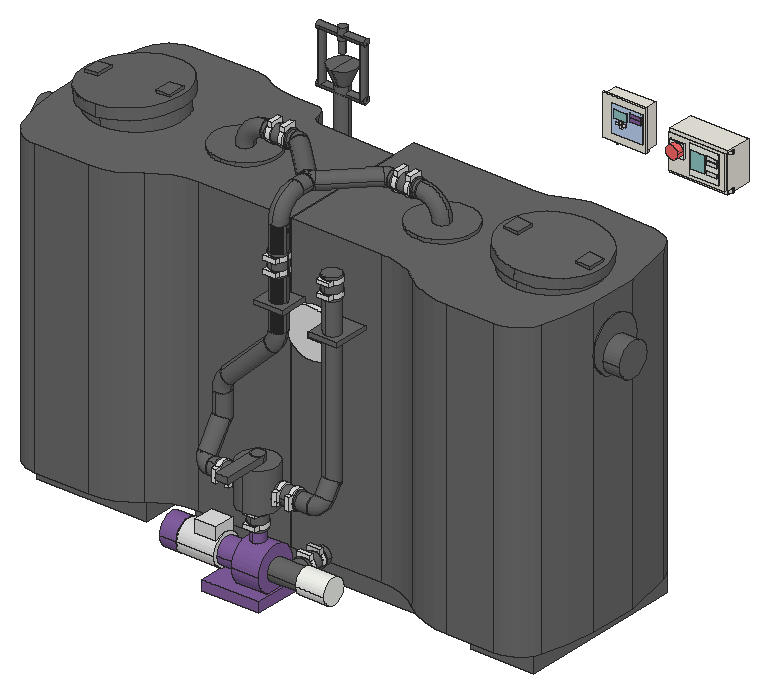
Revit family "93010.02_ms", category Generic Models, Revit 2021 (continued)
Definition of nested family "93010.02_ms_part3_X0Y0"
  Definition of nested family "93010.02_ms_part3_content"
    Forms (mm)
      Revolve 44, solid, detail levels medium+fine
        sketch origin (-110, 374, 1168) x (0, 1, 0) y (-1, 0, 0)
          loop
            circle (0, 0) r 31.5
          axis (0, 97.5) -> (-1, 97.5)
        angle from 0 to 180
      Extrusion 45, solid, detail levels medium+fine
        sketch origin (-110, 374, 1253) x (0, -1, 0) y (-1, 0, 0)
          loop
            circle (0, 0) r 31.5
        from 0 to 85.5
      Extrusion 46, solid, detail levels medium+fine
        sketch origin (-419.95, 373.5, 1659.31) x (0, 1, 0) y (0, 0, 1)
          loop
            circle (0, 0) r 15
        from 0 to 230
      Extrusion 47, solid, detail levels medium+fine
        sketch origin (-204.95, 373.5, 1908.31) x (1, 0, 0) y (0, -1, 0)
          loop
            circle (0, 0) r 15
        from 0 to 249
      Extrusion 48, solid, detail levels medium+fine
        sketch origin (-420, 373.4, 1908.2) x (0, 1, 0) y (0, 0, 1)
          loop
            circle (0, 0) r 15
        from 0 to 230
      Extrusion 49, solid, detail levels medium+fine
        sketch origin (-305, 374, 1885.9) x (1, 0, 0) y (0, 1, 0)
          loop
            circle (0, 0) r 19.25
        from 0 to 52
      Extrusion 50, solid, detail levels medium+fine
        sketch origin (-305, 374, 1827.9) x (1, 0, 0) y (0, 1, 0)
          loop
            circle (0, 0) r 14
        from 0 to 58
      Extrusion 51, solid, detail levels medium+fine
        sketch origin (-405, 373.4, 1908.2) x (1, 0, 0) y (0, -1, 0)
          loop
            circle (0, 0) r 15
        from 0 to 249
      Revolve 52, solid, detail levels medium+fine
        sketch origin (-305, 374, 1694.6) x (0, 0, 1) y (0, 1, 0)
          loop
            line (0, 0) -> (81, 0) -> (81, 65) -> (0, 31) -> (0, 0)
          axis (81, 0) -> (0, 0)
        angle from -360 to 0
      Extrusion 53, solid, detail levels medium+fine
        sketch origin (-975.47, 0, 1292.37) x (0, -1, 0) y (0.996195, 0, 0.087156)
          loop
            circle (0, 0) r 211
        from 0 to 281.6
      Extrusion 54, solid, detail levels medium+fine
        sketch origin (-1000, 0, 1572.8) x (0, -1, 0) y (0.996195, 0, 0.087156)
          loop
            circle (0, 0) r 233
        from 0 to 51.1
      Extrusion 55, solid, detail levels medium+fine
        sketch origin (-865.07, -41, 1635.8) x (0, 1, 0) y (-0.087156, 0, 0.996195)
          loop
            line (0, 12) -> (0, 0) -> (82, 0) -> (82, 12) -> (0, 12)
        from 0 to 66
      Extrusion 56, solid, detail levels medium+fine
        sketch origin (-1144, 41, 1611.4) x (0, -1, 0) y (-0.087156, 0, 0.996195)
          loop
            line (0, 12) -> (0, 0) -> (82, 0) -> (82, 12) -> (0, 12)
        from 0 to 66
      Extrusion 57, solid, detail levels medium+fine
        sketch origin (976.47, 0, 1292.37) x (0, 1, 0) y (-0.996195, 0, 0.087156)
          loop
            circle (0, 0) r 211
        from 0 to 281.6
      Extrusion 58, solid, detail levels medium+fine
        sketch origin (1001, 0, 1572.8) x (0, 1, 0) y (-0.996195, 0, 0.087156)
          loop
            circle (0, 0) r 233
        from 0 to 51.1
      Extrusion 59, solid, detail levels medium+fine
        sketch origin (866.07, 41, 1635.8) x (0, -1, 0) y (0.087156, 0, 0.996195)
          loop
            line (0, 12) -> (0, 0) -> (82, 0) -> (82, 12) -> (0, 12)
        from 0 to 66
      Extrusion 60, solid, detail levels medium+fine
        sketch origin (1145, -41, 1611.4) x (0, 1, 0) y (0.087156, 0, 0.996195)
          loop
            line (0, 12) -> (0, 0) -> (82, 0) -> (82, 12) -> (0, 12)
        from 0 to 66
      Extrusion 61, solid, detail levels medium+fine
        sketch origin (471.25, 0, 1525) x (0, 1, 0) y (-1, 0, 0)
          loop
            circle (0, 0) r 148.5
        from 0 to 15
      Revolve 62, solid, detail levels medium+fine
        sketch origin (471.25, 0, 1540) x (-1, 0, 0) y (0, -1, 0)
          loop
            circle (0, 0) r 37
          axis (100, 0) -> (100, -1)
        angle from -90 to 0
      Extrusion 63, solid, detail levels medium+fine
        sketch origin (-471.25, 0, 1525) x (0, 1, 0) y (-1, 0, 0)
          loop
            circle (0, 0) r 148.5
        from 0 to 15
      Revolve 64, solid, detail levels medium+fine
        sketch origin (-471.25, 0, 1540) x (1, 0, 0) y (0, 1, 0)
          loop
            circle (0, 0) r 37
          axis (100, 0) -> (100, -1)
        angle from -90 to 0
      Extrusion 65, solid, detail levels medium+fine
        sketch origin (-110, 314, 1313.5) x (0, 0, -1) y (1, 0, 0)
          loop
            circle (0, 0) r 31.5
        from 0 to 11
      Revolve 66, solid, detail levels medium+fine
        sketch origin (-110, 314, 1313.5) x (0, 0, -1) y (-1, 0, 0)
          loop
            circle (0, 0) r 31.5
          axis (60, 0) -> (60, -1)
        angle from -90 to 0
      Extrusion 67, solid, detail levels medium+fine
        sketch origin (-1281.8, 0, 1293) x (0, -1, 0) y (0, 0, 1)
          loop
            circle (0, 0) r 126.5
        from 0 to 21
      Extrusion 68, solid, detail levels medium+fine
        sketch origin (-1302.8, 0, 1336) x (0, -1, 0) y (0, 0, 1)
          loop
            circle (0, 0) r 80
        from 0 to 137.5
      Extrusion 69, solid, detail levels medium+fine
        sketch origin (1281.7, 0, 1305) x (0, 1, 0) y (0, 0, 1)
          loop
            circle (0, 0) r 126.5
        from 0 to 21
      Extrusion 70, solid, detail levels medium+fine
        sketch origin (1302.7, 0, 1265) x (0, 1, 0) y (0, 0, 1)
          loop
            circle (0, 0) r 80
        from 0 to 84.5
      Extrusion 71, solid, detail levels medium+fine
        sketch origin (0, -391, 1080.43) x (0, 1, 0) y (-1, 0, 0)
          loop
            circle (0, 0) r 37.5
        from 0 to 459.5
      Extrusion 72, solid, detail levels medium+fine
        sketch origin (0, -391, 1331.5) x (0, 1, 0) y (-1, 0, 0)
          loop
            circle (0, 0) r 45
        from 0 to 20
      Extrusion 73, solid, detail levels medium+fine
        sketch origin (0, -391, 1321.5) x (0, 1, 0) y (-1, 0, 0)
          loop
            circle (0, 0) r 42
        from 0 to 100
      Extrusion 74, solid, detail levels medium+fine
        sketch origin (0, -391, 1391.5) x (0, 1, 0) y (-1, 0, 0)
          loop
            circle (0, 0) r 45
        from 0 to 20
      Extrusion 75, solid, detail levels medium+fine
        sketch origin (-30, -422, 1351.5) x (0, 0, -1) y (1, 0, 0)
          loop
            line (0, 60) -> (0, 0) -> (20, 0) -> (20, 60) -> (0, 60)
        from 0 to 25
      Extrusion 76, solid, detail levels medium+fine
        sketch origin (-30, -422, 1411.5) x (0, 0, -1) y (1, 0, 0)
          loop
            line (0, 60) -> (0, 0) -> (20, 0) -> (20, 60) -> (0, 60)
        from 0 to 25
      Revolve 77, solid, detail levels medium+fine
        sketch origin (0, -391, 1539.9) x (0, 1, 0) y (-1, 0, 0)
          loop
            circle (0, 0) r 37.5
          axis (100, 0) -> (100, -1)
        angle from -90 to 0
      Extrusion 78, solid, detail levels medium+fine
        sketch origin (884.5, -347.5, 0) x (0, 1, 0) y (0, 0, 1)
          loop
            line (0, 115) -> (0, 0) -> (792, 0) -> (792, 115) -> (0, 115)
        from 0 to 306.5
      Extrusion 79, solid, detail levels medium+fine
        sketch origin (154.75, -514, 135) x (-1, 0, 0) y (0, 0, 1)
          loop
            circle (0, 0) r 40
        from 0 to 196
      Extrusion 80, solid, detail levels medium+fine
        sketch origin (154.75, -355.5, 135) x (0, 0, -1) y (1, 0, 0)
          loop
            circle (0, 0) r 45
        from 0 to 20
      Extrusion 81, solid, detail levels medium+fine
        sketch origin (154.75, -345.5, 135) x (0, 0, -1) y (1, 0, 0)
          loop
            circle (0, 0) r 42
        from 0 to 100
      Extrusion 82, solid, detail levels medium+fine
        sketch origin (184.75, -375.5, 166) x (0, 1, 0) y (-1, 0, 0)
          loop
            line (0, 60) -> (0, 0) -> (20, 0) -> (20, 60) -> (0, 60)
        from 0 to 25
      Extrusion 83, solid, detail levels medium+fine
        sketch origin (154.75, -415.5, 135) x (0, 0, -1) y (1, 0, 0)
          loop
            circle (0, 0) r 45
        from 0 to 20
      Extrusion 84, solid, detail levels medium+fine
        sketch origin (184.75, -435.5, 166) x (0, 1, 0) y (-1, 0, 0)
          loop
            line (0, 60) -> (0, 0) -> (20, 0) -> (20, 60) -> (0, 60)
        from 0 to 25
      Extrusion 85, solid, detail levels medium+fine
        sketch origin (82.5, -514, 135) x (0, 1, 0) y (0, 0, 1)
          loop
            circle (0, 0) r 50
        from 0 to 144.5
      Extrusion 86, solid, detail levels medium+fine
        sketch origin (-47, -514, 135) x (0, 1, 0) y (0, 0, 1)
          loop
            circle (0, 0) r 101
        from 0 to 129.5
      Extrusion 87, solid, detail levels medium+fine
        sketch origin (0, -514, 284) x (-1, 0, 0) y (0, 1, 0)
          loop
            circle (0, 0) r 31.5
        from 0 to 149
      Extrusion 88, solid, detail levels medium+fine
        sketch origin (-152, -514, 135) x (0, 1, 0) y (0, 0, 1)
          loop
            circle (0, 0) r 60
        from 0 to 105
      Extrusion 89, solid, detail levels medium+fine
        sketch origin (97.5, -400, 0) x (0, -1, 0) y (0, 0, 1)
          loop
            line (0, 48) -> (0, 0) -> (230, 0) -> (230, 48) -> (0, 48)
        from 0 to 272
      Extrusion 90, solid, detail levels medium+fine
        sketch origin (0, -514, 284) x (0, 1, 0) y (-1, 0, 0)
          loop
            circle (0, 0) r 42
        from 0 to 100
      Extrusion 91, solid, detail levels medium+fine
        sketch origin (0, -514, 294) x (0, 1, 0) y (-1, 0, 0)
          loop
            circle (0, 0) r 45
        from 0 to 20
      Extrusion 92, solid, detail levels medium+fine
        sketch origin (0, -514, 354) x (0, 1, 0) y (-1, 0, 0)
          loop
            circle (0, 0) r 45
        from 0 to 20
      Extrusion 93, solid, detail levels medium+fine
        sketch origin (-30, -545, 314) x (0, 0, -1) y (1, 0, 0)
          loop
            line (0, 60) -> (0, 0) -> (20, 0) -> (20, 60) -> (0, 60)
        from 0 to 25
      Extrusion 94, solid, detail levels medium+fine
        sketch origin (-30, -545, 374) x (0, 0, -1) y (1, 0, 0)
          loop
            line (0, 60) -> (0, 0) -> (20, 0) -> (20, 60) -> (0, 60)
        from 0 to 25
      Extrusion 95, solid, detail levels medium+fine
        sketch origin (227, -514, 135) x (0, 1, 0) y (0, 0, 1)
          loop
            circle (0, 0) r 58.5
        from 0 to 135.5
      Extrusion 96, solid, detail levels medium+fine
        sketch origin (-333, -514, 135) x (0, 1, 0) y (0, 0, 1)
          loop
            circle (0, 0) r 74
        from 0 to 181
      Extrusion 97, solid, detail levels medium+fine
        sketch origin (-262, -564.5, 188.5) x (0, 1, 0) y (0, 0, 1)
          loop
            line (0, 60) -> (0, 0) -> (100, 0) -> (100, 60) -> (0, 60)
        from 0 to 100
      Extrusion 98, solid, detail levels medium+fine
        sketch origin (-413, -514, 135) x (0, 1, 0) y (0, 0, 1)
          loop
            circle (0, 0) r 73.5
        from 0 to 80
      Extrusion 99, solid, detail levels medium+fine
        sketch origin (0, -291, 1639.9) x (-1, 0, 0) y (0, 0, 1)
          loop
            circle (0, 0) r 37.5
        from 0 to 57.5
      Revolve 100, solid, detail levels medium+fine
        sketch origin (0, -233.5, 1640) x (-1, 0, 0) y (0, 0, 1)
          loop
            circle (0, 0) r 37.5
          axis (45, 0) -> (45, -1)
        angle from -45 to 0
      Revolve 101, solid, detail levels medium+fine
        sketch origin (0, -230.5, 1640) x (1, 0, 0) y (0, 0, -1)
          loop
            circle (0, 0) r 37
          axis (45, 0) -> (45, -1)
        angle from -50 to 0
      Extrusion 102, solid, detail levels medium+fine
        sketch origin (-13.5, -201.6, 1640) x (-0.707107, -0.707107, 0) y (0, 0, 1)
          loop
            circle (0, 0) r 37.5
        from 0 to 267.5
      Revolve 103, solid, detail levels medium+fine
        sketch origin (-201.9, -12.9, 1640) x (-0.707107, -0.707107, 0) y (0, 0, 1)
          loop
            circle (0, 0) r 37
          axis (45, 0) -> (45, -1)
        angle from -45 to 0
      Extrusion 104, solid, detail levels medium+fine
        sketch origin (13.5, -200, 1640) x (-0.707107, 0.707107, 0) y (0, 0, 1)
          loop
            circle (0, 0) r 36
        from 0 to 267.5
      Revolve 105, solid, detail levels medium+fine
        sketch origin (201.9, -12.88, 1640) x (0.707107, -0.707107, 0) y (0, 0, -1)
          loop
            circle (0, 0) r 37
          axis (45, 0) -> (45, -1)
        angle from -45 to 0
      Extrusion 106, solid, detail levels medium+fine
        sketch origin (-233.77, 0.27, 1640) x (0, -1, 0) y (0, 0, 1)
          loop
            circle (0, 0) r 37.5
        from 0 to 137.5
      Extrusion 107, solid, detail levels medium+fine
        sketch origin (-251, 0.5, 1640) x (0, 0, -1) y (0, -1, 0)
          loop
            circle (0, 0) r 42
        from 0 to 100
      Extrusion 108, solid, detail levels medium+fine
        sketch origin (-261, 0.5, 1640) x (0, 0, -1) y (0, -1, 0)
          loop
            circle (0, 0) r 45
        from 0 to 20
      Extrusion 109, solid, detail levels medium+fine
        sketch origin (-321, 0.5, 1640) x (0, 0, -1) y (0, -1, 0)
          loop
            circle (0, 0) r 45
        from 0 to 20
      Extrusion 110, solid, detail levels medium+fine
        sketch origin (-341, -29.5, 1671) x (1, 0, 0) y (0, 1, 0)
          loop
            line (0, 60) -> (0, 0) -> (20, 0) -> (20, 60) -> (0, 60)
        from 0 to 25
      Extrusion 111, solid, detail levels medium+fine
        sketch origin (-281, -29.5, 1671) x (1, 0, 0) y (0, 1, 0)
          loop
            line (0, 60) -> (0, 0) -> (20, 0) -> (20, 60) -> (0, 60)
        from 0 to 25
      Extrusion 112, solid, detail levels medium+fine
        sketch origin (233.8, 0.3, 1640) x (0, -1, 0) y (0, 0, -1)
          loop
            circle (0, 0) r 37.5
        from 0 to 137.5
      Extrusion 113, solid, detail levels medium+fine
        sketch origin (263, 0.5, 1640) x (0, 0, -1) y (0, 1, 0)
          loop
            circle (0, 0) r 45
        from 0 to 20
      Extrusion 114, solid, detail levels medium+fine
        sketch origin (253, 0.5, 1640) x (0, 0, -1) y (0, 1, 0)
          loop
            circle (0, 0) r 42
        from 0 to 100
      Extrusion 115, solid, detail levels medium+fine
        sketch origin (323, 0.5, 1640) x (0, 0, -1) y (0, 1, 0)
          loop
            circle (0, 0) r 45
        from 0 to 20
      Extrusion 116, solid, detail levels medium+fine
        sketch origin (343, 30.5, 1671) x (-1, 0, 0) y (0, -1, 0)
          loop
            line (0, 60) -> (0, 0) -> (20, 0) -> (20, 60) -> (0, 60)
        from 0 to 25
      Extrusion 117, solid, detail levels medium+fine
        sketch origin (283, 30.5, 1671) x (-1, 0, 0) y (0, -1, 0)
          loop
            line (0, 60) -> (0, 0) -> (20, 0) -> (20, 60) -> (0, 60)
        from 0 to 25
      Extrusion 118, solid, detail levels coarse
        sketch origin (-26.55, -126.1, 0) x (1, 0, 0) y (0, 1, 0)
          loop
            line (-1413.75, -603.9) -> (1413.75, -603.9) -> (1413.75, 603.9) -> (-1413.75, 603.9) -> (-1413.75, -603.9)
        from 0 to 1937.9
    Dimensions and locks
      aligned and locked: level to plane 2
